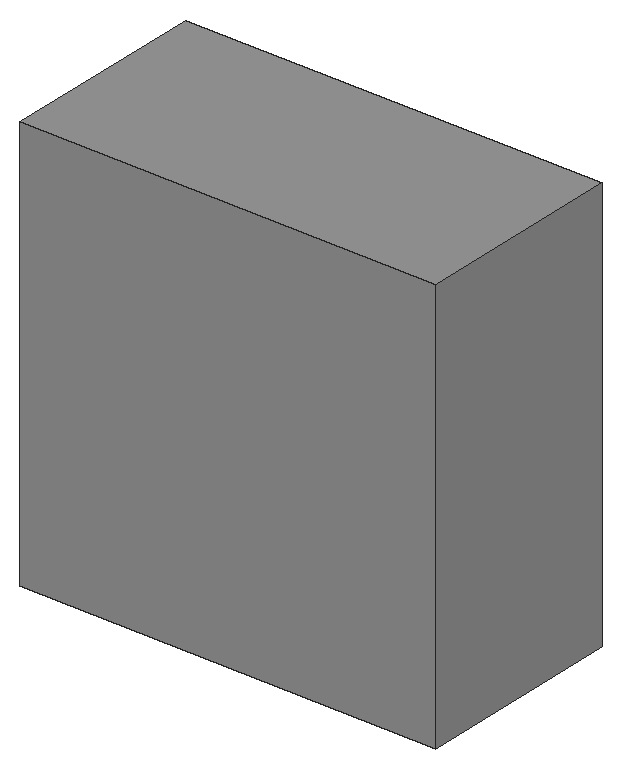
Revit family "NRG_Spannungsversorgung_V1700", category Notrufgeräte, Revit 2017
Family settings
  Beschriftungsausrichtung beibehalten = Nein
  Bemaßung runder Anschluss = Durchmesser verwenden
  Teiletyp = Verteilerkasten
  OmniClass-Nummer = 23.80.00.00
  OmniClass-Titel = Electric Power and Lighting
  Arbeitsebenenbasiert = Nein
  Immer vertikal = Ja
  Beim Laden mit Abzugskörper schneiden = Ja
  Gemeinsam genutzt = Nein
  Raumberechnungspunkt = Nein
Parameters (values of type "Sicherheitsstromversorgung_Akku")
  pbr_Material_KZ = ""
  pbr_Material = none
  pbr_E_Typ = ""
  pbr_E_KZ = ""
  pbr_DINBild = 0
  pbr_Bild = 0
  pbr_3Dx_Delta_Korrekturversatz [instance] = 0 mm
  pbr_3DX_Versatzfaktor [instance] = 2
  pbr_2DY_Versatzfaktor [instance] = 0
  pbr_2DX_Versatzfaktor [instance] = 0
  lfd_STRK [instance] = 0
  cpiFitMatchKey [instance] = "E-EVSR"  # constant formula
  Typ [instance] = ""
  Text3 [instance] = ""
  Text2 [instance] = ""
  Text1 [instance] = ""
  Spannungsversorgung = yes
  RLeitungD [instance] = 20 mm
  YFrontversatz [instance] = if(pbr_2DY_Versatzfaktor = 300, 0 mm, pbr_2DY_Versatzfaktor * 300 mm)  # 0 mm
  XSeitenversatz [instance] = if(pbr_2DX_Versatzfaktor = 0, 3000 mm, 3000 mm + (pbr_2DX_Versatzfaktor * 300 mm)) + Eckversatz  # 3000 mm
  X3Dversatz [instance] = if([3DX_Versatzkontrolle] = 0, 2000 mm, 2000 mm + ([3DX_Versatzkontrolle] * (300 mm - Breite))) + pbr_3Dx_Delta_Korrekturversatz  # 2440 mm
  Port2 [instance] = ""
  Port1 [instance] = ""
  Planungsbüro Rohling = "www.pbr.de"
  Patchfeld [instance] = ""
  Niveau [instance] = 1200 mm
  Netzart = ""
  Menge(Dosenzahl) [instance] = 0
  Linie/Anschluss [instance] = ""
  Linie [instance] = ""
  Lastklassifizierung = none
  Installationsart [instance] = ""
  Info [instance] = ""
  Tiefe = 40 mm
  Länge [instance] = Breite  # 80 mm
  Gewerk [instance] = "SR"
  Eckversatz = 0 mm
  Bus [instance] = ""
  Breite = 80 mm
  Betriebsstrom ruhe [instance] = 0
  Betriebsstrom max [instance] = 0
  3DX_Versatzkontrolle [instance] = if(pbr_3DX_Versatzfaktor = 0, (pbr_2DX_Versatzfaktor * -1), (((-1 * pbr_3DX_Versatzfaktor) + pbr_2DX_Versatzfaktor) * -1))  # 2
  3DX_Versatz [instance] = if([3DX_Versatzkontrolle] = 0, 2000 mm, 2000 mm + ([3DX_Versatzkontrolle] * (300 mm - Breite))) + pbr_3Dx_Delta_Korrekturversatz  # 2440 mm
Reference planes
  plane 1 "Mitte (Vorne/Hinten)": y = 0
  plane 2: z = 0
  plane 3 "Mitte (Links/Rechts)": x = 0
  plane 4: x = -590
  plane 5: x = -290
  plane 6: y = 300
  plane 7 "Schalterhinten": y = 0
  plane 8: x = -3440
  plane 9: x = -440
  plane 10: x = -2440
  plane 11: x = -480
  plane 12: x = -400
  plane 13: z = 1240
  plane 14: z = 1160
  plane 15 "SchalterVorne": y = 40
  plane 16: z = 1200
  plane 17 "MitteBox": y = 20
  plane 18: z = 1240
  plane 19: z = 1160
  plane 20 "rechts links oben 1": z = 1224
  plane 21 "rechts links unten 1": z = 1176
  plane 22 "rechts links oben 2": z = 1208
  plane 23 "rechts links unten 2": z = 1192
  plane 24: y = 150
Forms (mm)
  Extrusion 1, solid, material "Stahl, weich, geschweißt"
    sketch origin (0, 20, 0) x (0, 0, 1) y (-1, 0, 0)
      loop
        line (1160, 480) -> (1160, 400) -> (1240, 400) -> (1240, 480) -> (1160, 480)
    from -20 to 20
Dimensions and locks
  plane 4 to plane 5 = 300 mm
  plane 6 to plane 7 "Schalterhinten" = 300 mm
  equal spacing: plane 4, plane 9, plane 5
  "XSeitenversatz": plane 8 to plane 9
  plane 8 to plane 3 "Mitte (Links/Rechts)" = 3440 mm
  "YFrontversatz": plane 1 "Mitte (Vorne/Hinten)" to plane 7 "Schalterhinten"
  plane 4 to plane 9 = 150 mm
  plane 9 to plane 10 = 2000 mm
  "Niveau": plane 16 to level
  plane 15 "SchalterVorne" to plane 1 "Mitte (Vorne/Hinten)" = 40 mm
  plane 18 to plane 13 = 0 mm
  plane 19 to plane 14 = 0 mm
  equal spacing: plane 19, plane 21 "rechts links unten 1", plane 23 "rechts links unten 2", plane 22 "rechts links oben 2", plane 20 "rechts links oben 1", plane 18
  "Länge": plane 19 to plane 18
  equal spacing: plane 18, plane 16, plane 19
  plane 12 to plane 11 = 80 mm
  "Breite": plane 12 to plane 11
  equal spacing: plane 11, plane 9, plane 12
  equal spacing: plane 6, plane 24, plane 7 "Schalterhinten"
  locked: plane 9 to plane 10 at 2000
  aligned and locked: level to plane 2
  aligned and locked: Extrusion 1 sketch curve to plane 14
  aligned and locked: Extrusion 1 sketch curve to plane 11
  aligned and locked: Extrusion 1 sketch curve to plane 13
  aligned and locked: plane 15 "SchalterVorne" to Extrusion 1
  aligned and locked: nested 1 to plane 9
  aligned and locked: nested 1 to plane 7 "Schalterhinten"
Automatic sketch dimensions
  Extrusion 1 sketch curve to plane 12 = 0 mm
Nested families
  nested 1: "Sicherheitsstromversorgung (Akku)" at (-440, 0, 0), visible <- "Spannungsversorgung", type "Sicherheitsstromversorgung (Akku)"
Connectors
  electrical at (-440, 0, 1200)
    settings: on Extrusion 1, index 1, voltage 0 V, apparent load 0 VA, apparent load phase1 0 VA, apparent load phase2 0 VA, apparent load phase3 0 VA, power factor 1, load classification "Sonstige", number of poles 1, system type 11, power factor state 1, is connector primary yes, connector utility no, sub classification motor no, connector description ""
Definition of nested family "Sicherheitsstromversorgung (Akku)"
  Reference planes
    plane 1 "Mitte (Vorne/Hinten)": y = 0
    plane 2: z = 0
    plane 3 "Mitte (Links/Rechts)": x = 0
  Lines and regions (mm)
    detail lines, in view "Referenzebene"
      curve 1: line (-123.719, 142.581, 0) -> (-25.282, 142.581, 0)
      curve 2: line (-25.282, 273.831, 0) -> (-25.282, 11.331, 0)
      curve 3: line (24.718, 208.206, 0) -> (24.718, 76.956, 0)
      curve 4: line (24.718, 142.581, 0) -> (123.156, 142.581, 0)
      curve 5: line (134.153, 285.161, 0) -> (134.153, 0, 0)
      curve 6: line (134.153, 0, 0) -> (-134.716, 0, 0)
      curve 7: line (-134.716, 0, 0) -> (-134.716, 285.161, 0)
      curve 8: line (-134.716, 285.161, 0) -> (134.153, 285.161, 0)
